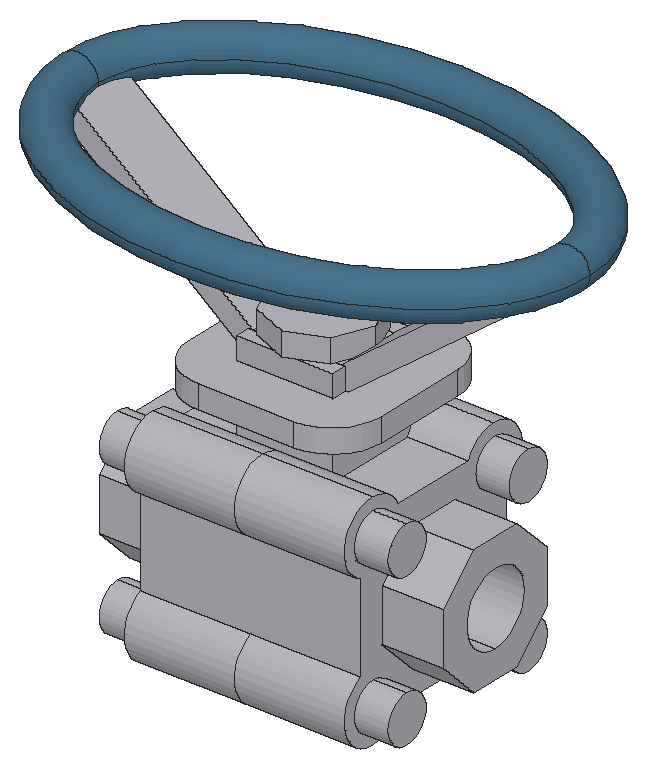
Revit family "320ACSWOH-Ball-Valve", category Pipe Accessories, Revit 2018
Family settings
  Round Connector Dimension = Use Diameter
  Part Type = Valve - Breaks Into
  OmniClass Number = 23.60.30.11.14
  OmniClass Title = Pipework Fittings
  Work Plane-Based = No
  Always vertical = Yes
  Cut with Voids When Loaded = No
  Shared = No
Parameters
  Z4 [instance] = size_lookup(LookupTable, "Z4", 0.000", Nominal Diameter)  # 0.800"
  Z3 [instance] = size_lookup(LookupTable, "Z3", 0.000", Nominal Diameter)  # 0.200"
  Weight [instance] = size_lookup(LookupTable, "Weight", "NA", Nominal Diameter)  # "2.29 lbs."
  URL = "http://www.fnw.com"
  Standards Lookup Table = "Standards"  # constant formula
  R3 [instance] = size_lookup(LookupTable, "R3", 0.000", Nominal Diameter)  # 0.91924"
  Product ID Handle [instance] = size_lookup(LookupTable, "ProductIDHandle", "NA", Nominal Diameter)  # "4448698"
  Product ID [instance] = size_lookup(LookupTable, "ProductID", "NA", Nominal Diameter)  # "4106149"
  Pipe Diameter [instance] = size_lookup(Standards Lookup Table, "copper", 0.000", Nominal Diameter)  # 0.625"
  Pins [instance] = Lm / 2  # 0.650"
  Pin Length [instance] = X2 * 4 + X3  # 2.4726"
  Pin Diameter [instance] = size_lookup(LookupTable, "m", 0.000", Nominal Diameter)  # 0.400"
  Pin Bung [instance] = Pin Diameter * 1.5  # 0.600"
  Part Number Handle [instance] = size_lookup(LookupTable, "PartNumberHandle", "NA", Nominal Diameter)  # "FNW320AOHBF"
  Part Number [instance] = size_lookup(LookupTable, "PartNumber", "NA", Nominal Diameter)  # "FNW320ACSWD"
  PIpe Radius [instance] = Pipe Diameter / 2  # 0.3125"
  Insert [instance] = size_lookup(LookupTable, "insert", 0.000", Nominal Diameter)  # 0.430"
  Manufacturer = "FNW"  # constant formula
  Lm [instance] = size_lookup(LookupTable, "lm", 0.000", Nominal Diameter)  # 1.300"
  Grip Pin4 [instance] = X3 / 2 + (X2 * 2)  # 1.2363"
  Gear [instance] = D3_Half - 0.063"  # 0.3495"
  Description BOM Handle [instance] = size_lookup(LookupTable, "Description_BOMHandle", "NA", Nominal Diameter)  # "1/4 - 3/4 OVAL Handle Kit 320A BV"
  Description BOM [instance] = size_lookup(LookupTable, "Description_BOM", "NA", Nominal Diameter)  # "1/2 Stainless Steel 2000# 250# Steam Socket Weld 3 Piece BV"
  Z2 [instance] = size_lookup(LookupTable, "Z2", 0.000", Nominal Diameter)  # 0.300"
  Z1 [instance] = size_lookup(LookupTable, "Z1", 0.000", Nominal Diameter)  # 0.920"
  X3 [instance] = size_lookup(LookupTable, "X3", 0.000", Nominal Diameter)  # 1.2926"
  X2 [instance] = size_lookup(LookupTable, "X2", 0.000", Nominal Diameter)  # 0.295"
  X1 [instance] = size_lookup(LookupTable, "X1", 0.000", Nominal Diameter)  # 0.5337"
  Show Lever Clearance [instance] = no
  R2 [instance] = size_lookup(LookupTable, "R2", 0.000", Nominal Diameter)  # 0.71924"
  R1_Diam [instance] = R1 * 2  # 1.100"
  R1 [instance] = size_lookup(LookupTable, "R1", 0.000", Nominal Diameter)  # 0.550"
  Nominal Radius [instance] = Nominal Diameter / 2  # 0.250"
  Nominal Diameter [instance] = 0.500"
  LookupTable = "320ACSWOH-Ball-Valve"  # constant formula
  HexAngle1 [instance] = 135.00°  # constant formula
  D4 [instance] = size_lookup(LookupTable, "D4", 0.000", Nominal Diameter)  # 0.375"
  D3_Half [instance] = D3 / 2  # 0.4125"
  D3 [instance] = size_lookup(LookupTable, "D3", 0.000", Nominal Diameter)  # 0.825"
  D2_Half [instance] = D2 / 2  # 0.61875"
  D2 [instance] = size_lookup(LookupTable, "D2", 0.000", Nominal Diameter)  # 1.2375"
  D1_Half [instance] = D1 / 2  # 0.825"
  D1 [instance] = size_lookup(LookupTable, "D1", 0.000", Nominal Diameter)  # 1.650"
  Body_W [instance] = Lm / 2 + 0.125"  # 0.775"
  3_Z3 [instance] = size_lookup(LookupTable, "3_Z3", 0.000", Nominal Diameter)  # 1.3225"
  3_Z1 [instance] = size_lookup(LookupTable, "3_Z1", 0.000", Nominal Diameter)  # 1.500"
  3_Y1 [instance] = size_lookup(LookupTable, "3_Y1", 0.000", Nominal Diameter)  # 2.800"
  3_X3 [instance] = size_lookup(LookupTable, "3_X3", 0.000", Nominal Diameter)  # 0.825"
  3_X1 [instance] = size_lookup(LookupTable, "3_X1", 0.000", Nominal Diameter)  # 4.210"
  3_L1 [instance] = size_lookup(LookupTable, "3_L1", 0.000", Nominal Diameter)  # 0.1875"
  3_D1 [instance] = size_lookup(LookupTable, "3_D1", 0.000", Nominal Diameter)  # 0.355"
Reference planes (in)
  plane 1 "Center (Front/Back)": y = 0
  plane 2: z = 0
  plane 3 "Center (Left/Right)": x = 0
  plane 4 "X7 End": x = -1.475
  plane 5: x = -0.6463
  plane 6: x = 0.6463
  plane 7 "Pipe radius": z = 0.3125
  plane 8: z = 0.55
  plane 9: z = 0.92
  plane 10: z = 1.22
  plane 11 "top of pad": z = 1.42
  plane 12: x = 0.9413
  plane 13: x = -1.045
  plane 14: y = -0.65
  plane 15: z = -0.65
  plane 16: z = 0.65
  plane 17: y = 0.65
  plane 18: x = 10.098
  plane 19: y = 2.5
  plane 20: y = -2.5
  plane 21: y = -0.65
  plane 22: z = -0.65
  plane 23: z = 0.65
  plane 24: y = 0.65
  plane 25: through (0, 0, 0) normal (0, 0.7071, -0.7071)
  plane 26: through (0, 0, 0) normal (0, 0.7071, 0.7071)
  plane 27: y = -0.65
  plane 28: y = 0.65
  plane 29: y = -1.465
  plane 30: z = -1.465
  plane 31: z = 1.465
  plane 32: y = 1.465
  plane 33 "Pin Plane": x = -1.2363
  plane 34 "NPT 3": x = 1.475
  plane 35: x = 1.2363
  plane 36: z = -1.27275
  plane 37 "LM": z = 1.27275
  plane 38: x = -0.9413
  plane 39: x = 1.045
Forms (in)
  Extrusion 1, solid, material "Steel, Stainless", not visible
    sketch origin (-1.0872, 0, 0) x (0, 0, 1) y (0, -1, 0)
      loop
        circle (0, 0) r 0.25
    from 0.0422 to 2.1322
  Extrusion 2, solid, material "Steel, Stainless"
    sketch origin (1.4276, 0, 0) x (0, 0, 1) y (0, -1, 0)
      loop
        line (-0.22782, -0.55) -> (0.22782, -0.55) -> (0.55, -0.22782) -> (0.55, 0.22782) -> (0.22782, 0.55) -> (-0.22782, 0.55) -> (-0.55, 0.22782) -> (-0.55, -0.22782) -> (-0.22782, -0.55)
      loop
        circle (0, 0) r 0.3125
    from -2.9026 to 0.0474
  Extrusion 3, solid, material "Steel, Stainless"
    sketch origin (0, 0, 0.865) x (-1, 0, 0) y (0, -1, 0)
      loop
        arc (0.40833, -0.825) -> (0.70296, -0.70296) -> (0.825, -0.40833) r 0.41667
        line (0.825, -0.40833) -> (0.825, 0.40833)
        arc (0.825, 0.40833) -> (0.70296, 0.70296) -> (0.40833, 0.825) r 0.41667
        line (0.40833, 0.825) -> (-0.40833, 0.825)
        arc (-0.40833, 0.825) -> (-0.70296, 0.70296) -> (-0.825, 0.40833) r 0.41667
        line (-0.825, 0.40833) -> (-0.825, -0.40833)
        arc (-0.825, -0.40833) -> (-0.70296, -0.70296) -> (-0.40833, -0.825) r 0.41667
        line (-0.40833, -0.825) -> (0.40833, -0.825)
      loop
        circle (0, 0) r 0.4125
      loop
        circle (0, 0) r 0.3495
    from 0.355 to 0.555
  Extrusion 4, solid, material "Steel, Stainless"
    sketch origin (0, 0, 0.865) x (-1, 0, 0) y (0, -1, 0)
      loop
        line (0.4125, -0.4125) -> (0.4125, 0.4125) -> (-0.4125, 0.4125) -> (-0.4125, -0.4125) -> (0.4125, -0.4125)
    from -0.5525 to 0.355
  Extrusion 5, solid, material "Steel, Stainless"
    sketch origin (0, 0, 0.865) x (-1, 0, 0) y (0, -1, 0)
      loop
        line (0.21875, -0.21875) -> (0.21875, 0.21875) -> (-0.21875, 0.21875) -> (-0.21875, -0.21875) -> (0.21875, -0.21875)
    from 0.055 to 0.555
  Extrusion 6, solid, material "Steel, Stainless"
    sketch origin (-1.0872, 0, 0) x (0, 0, 1) y (0, -1, 0)
      loop
        circle (0.65, 0.65) r 0.2
      loop
        circle (0.65, -0.65) r 0.2
      loop
        circle (-0.65, -0.65) r 0.2
      loop
        circle (-0.65, 0.65) r 0.2
    from -0.1491 to 2.3235
  Extrusion 7, solid, material "Steel, Stainless"
    sketch origin (-1.0872, 0, 0) x (0, 0, 1) y (0, -1, 0)
      loop
        circle (0.65, -0.65) r 0.3
      loop
        circle (0.65, 0.65) r 0.3
      loop
        circle (-0.65, 0.65) r 0.3
      loop
        circle (-0.65, -0.65) r 0.3
    from 0.1459 to 1.0872
  Extrusion 8, solid, material "Steel, Stainless"
    sketch origin (-1.0872, 0, 0) x (0, 0, 1) y (0, -1, 0)
      loop
        circle (0.65, -0.65) r 0.3
      loop
        circle (0.65, 0.65) r 0.3
      loop
        circle (-0.65, 0.65) r 0.3
      loop
        circle (-0.65, -0.65) r 0.3
    from 1.0872 to 2.0285
  Extrusion 9, solid, material "Steel, Stainless"
    sketch origin (-1.2363, 0, 0) x (0, 0, 1) y (0, -1, 0)
      loop
        line (0.775, -0.775) -> (0.775, 0.775) -> (-0.775, 0.775) -> (-0.775, -0.775) -> (0.775, -0.775)
    from 0.295 to 2.1776
Cuts and joins
  joined: Extrusion 7, Extrusion 8, Extrusion 9
Dimensions and locks (in)
  "PIpe Radius": plane 7 "Pipe radius" to plane 2
  "R1": Extrusion 2 sketch curve to plane 1 "Center (Front/Back)"
  "R1": plane 1 "Center (Front/Back)" to Extrusion 2 sketch curve  (x5)
  "R1": plane 2 to Extrusion 2 sketch curve  (x2)
  "R1": plane 8 to plane 2
  "Z1": plane 9 to plane 2
  "Z2": plane 10 to plane 9
  "Z3": plane 11 "top of pad" to plane 10
  "D1_Half": Extrusion 3 sketch curve to plane 3 "Center (Left/Right)"
  "D1_Half": plane 3 "Center (Left/Right)" to Extrusion 3 sketch curve
  "D1_Half": plane 1 "Center (Front/Back)" to Extrusion 3 sketch curve
  "D1_Half": Extrusion 3 sketch curve to plane 1 "Center (Front/Back)"
  "D3_Half": Extrusion 4 sketch curve to plane 3 "Center (Left/Right)"
  "D3_Half": plane 3 "Center (Left/Right)" to Extrusion 4 sketch curve
  "D3_Half": plane 1 "Center (Front/Back)" to Extrusion 4 sketch curve  (x2)
  equal spacing: Extrusion 5 sketch curve, plane 1 "Center (Front/Back)", Extrusion 5 sketch curve
  Extrusion 5 sketch curve to Extrusion 5 sketch curve = 0.4375"  (x2)
  equal spacing: Extrusion 5 sketch curve, plane 3 "Center (Left/Right)", Extrusion 5 sketch curve
  "Pins": plane 2 to plane 16
  "Pins": plane 2 to plane 15
  "Pins": plane 1 "Center (Front/Back)" to plane 14
  "Pins": plane 17 to plane 1 "Center (Front/Back)"
  equal spacing: plane 19, plane 1 "Center (Front/Back)", plane 20
  plane 19 to plane 20 = 5.000"
  "Pins": plane 24 to plane 1 "Center (Front/Back)" to plane 21
  "Pins": plane 22 to plane 2 to plane 23
  plane 28 to plane 27 = 1.300"
  equal spacing: plane 28, plane 1 "Center (Front/Back)", plane 27
  "Lm": plane 28 to plane 27
  plane 32 to plane 29 = 2.930"
  plane 30 to plane 31 = 2.930"
  "X2": plane 12 to plane 6
  equal spacing: plane 6, plane 3 "Center (Left/Right)", plane 5
  "X3": plane 6 to plane 5
  "X1": plane 34 "NPT 3" to plane 12
  "Grip Pin4": Extrusion 6 to plane 3 "Center (Left/Right)"
  "X2": plane 35 to plane 12
  "Body_W": Extrusion 9 sketch curve to plane 2
  "Body_W": plane 1 "Center (Front/Back)" to Extrusion 9 sketch curve
  "Body_W": plane 2 to Extrusion 9 sketch curve
  "Body_W": Extrusion 9 sketch curve to plane 1 "Center (Front/Back)"
  "X2": plane 5 to plane 38
  "X2": plane 38 to plane 33 "Pin Plane"
  "X1": plane 38 to plane 4 "X7 End"
  "Insert": plane 4 "X7 End" to plane 13
  "Insert": plane 34 "NPT 3" to plane 39
  "Nominal Radius": radius of Extrusion 1 sketch curve
  "PIpe Radius": radius of Extrusion 2 sketch curve
  radius of Extrusion 3 sketch curve = 0.41667"  (x4)
  "D3_Half": radius of Extrusion 3 sketch curve
  "Gear": radius of Extrusion 3 sketch curve
  "Pin Diameter": diameter of Extrusion 6 sketch curve  (x4)
  "Pin Bung": diameter of Extrusion 7 sketch curve  (x4)
  "Pin Bung": diameter of Extrusion 8 sketch curve  (x4)
  angle Extrusion 2 sketch curve to Extrusion 2 sketch curve = 135.00°  (x7)
  aligned and locked: plane 2 to level
  aligned and locked: plane 4 "X7 End" to Extrusion 2
  aligned and locked: Extrusion 3 to plane 10
  aligned and locked: plane 11 "top of pad" to Extrusion 3
  aligned and locked: Extrusion 4 to plane 7 "Pipe radius"
  aligned and locked: Extrusion 1 to plane 13
  aligned and locked: plane 10 to Extrusion 4
  aligned and locked: Extrusion 5 to plane 9
  aligned and locked: plane 12 to Extrusion 8
  aligned and locked: Extrusion 2 to plane 34 "NPT 3"
  aligned and locked: plane 11 "top of pad" to Extrusion 5
  aligned and locked: Extrusion 6 to plane 33 "Pin Plane"
  aligned and locked: plane 3 "Center (Left/Right)" to Extrusion 7
  aligned and locked: Extrusion 8 to plane 3 "Center (Left/Right)"
  aligned and locked: cut or joined group of Extrusion 7, Extrusion 8, Extrusion 9 to plane 38  (x2)
  aligned and locked: plane 38 to cut or joined group of Extrusion 7, Extrusion 8, Extrusion 9
  aligned and locked: plane 39 to Extrusion 1
  aligned and locked: plane 12 to Extrusion 9
Automatic sketch dimensions
  Extrusion 1 sketch curve to level = 0.000"
  Extrusion 1 sketch curve to plane 1 "Center (Front/Back)" = 0.000"
  Extrusion 2 sketch curve to level = 0.000"
  Extrusion 2 sketch curve to plane 1 "Center (Front/Back)" = 0.000"
  Extrusion 3 sketch curve to Extrusion 3 sketch curve = 0.000"  (x2)
  plane 1 "Center (Front/Back)" to Extrusion 3 sketch curve = 0.000"
  Extrusion 3 sketch curve to plane 3 "Center (Left/Right)" = 0.000"
  Extrusion 6 sketch curve to plane 15 = 0.000"  (x2)
  Extrusion 6 sketch curve to plane 14 = 0.000"  (x2)
  plane 16 to Extrusion 6 sketch curve = 0.000"  (x2)
  Extrusion 6 sketch curve to plane 17 = 0.000"  (x2)
  Extrusion 7 sketch curve to plane 21 = 0.000"  (x2)
  Extrusion 7 sketch curve to plane 22 = 0.000"  (x2)
  plane 23 to Extrusion 7 sketch curve = 0.000"  (x2)
  Extrusion 7 sketch curve to plane 24 = 0.000"  (x2)
  plane 25 to Extrusion 8 sketch curve = 0.000"  (x2)
  Extrusion 8 sketch curve to plane 27 = 0.000"  (x2)
  plane 26 to Extrusion 8 sketch curve = 0.000"  (x2)
  Extrusion 8 sketch curve to plane 28 = 0.000"  (x2)
Nested families (in)
  nested 1: "Oval Handle 320ASWOH" at (0, 0, 1.42) x (-1, 0, 0) z (0, 0, 1), 3_D1 <- "3_D1", 3_L1 <- "3_L1", 3_X1 <- "3_X1", 3_X3 <- "3_X3", 3_Y1 <- "3_Y1", 3_Z1 <- "3_Z1", 3_Z3 <- "3_Z3", D3 <- "D3", Z3 <- "Z3", Description BOM <- "Description BOM Handle", Part Number <- "Product ID Handle", Product ID <- "Product ID Handle", type "Oval Handle 320ASWOH"
    with b 2.105", a 1.22375", Z3 0.200", Show Lever Clearance yes, Product ID "4448698", Part Number "4448698", Description BOM "1/4 - 3/4 OVAL Handle Kit 320A BV", D3 0.825", Center of Oval Handle 1.41125", Angle Hex Head 135.00°, 3_Z3 1.3225", 3_Z2 0.125", 3_Z1 1.500", 3_Y1 2.800", 3_X3 0.825", 3_X1 4.210", 3_L1_Half 0.09375", 3_L1 0.1875", 3_D1_Radius 0.1775", 3_D1 0.355"
Connectors (in)
  piping at (-1.045, 0, 0), diameter 0.5, driven by "Nominal Diameter"
    settings: on Extrusion 1, index 1, connector inside diameter 24", connector length 0.000", flow factor 0, pipe flow 0 GPM, pressure drop 0.00 psi, fitting loss kfactor 0, connector angle 0.00°, fixture units 0, engagement length 0.000", angle of deflection 0.00°, flow configuration 0, flow direction 0, fitting loss method 0, system type 7, joint type 0, gender type 0, connector reference index 2, connector utility 0, adjustable connector no, is connector primary yes, connector description ""
  piping at (1.045, 0, 0), diameter 0.5, driven by "Nominal Diameter"
    settings: on Extrusion 1, index 2, connector inside diameter 24", connector length 0.000", flow factor 0, pipe flow 0 GPM, pressure drop 0.00 psi, fitting loss kfactor 0, connector angle 0.00°, fixture units 0, engagement length 0.000", angle of deflection 0.00°, flow configuration 0, flow direction 0, fitting loss method 0, system type 7, joint type 0, gender type 0, connector reference index 1, connector utility 0, adjustable connector no, is connector primary no, connector description ""
Definition of nested family "Oval Handle 320ASWOH"
  Parameters (values of type "Oval Handle  320ASW")
    b [instance] = [3_X1] / 2  # 2.105"
    a [instance] = Center of Oval Handle - [3_L1]  # 1.34375"
    Z3 [instance] = 0.14279"
    Product ID [instance] = ""
    Part Number [instance] = ""
    Description BOM [instance] = ""
    D3 [instance] = 0.27676"
    Center of Oval Handle [instance] = ([3_Z1] - [3_Z3]) / 2 + ([3_Z3])  # 1.46875"
    Angle 2 = 45.00°  # constant formula
    Show Lever Clearance [instance] = yes
    Default Elevation = 48.000"
    Angle Hex Head [instance] = 135.00°  # constant formula
    3_Z3 [instance] = 1.3125"
    3_Z2 [instance] = 0.125"
    3_Z1 [instance] = 1.625"
    3_Y1 [instance] = 2.800"
    3_X3 [instance] = 0.5625"
    3_X1 [instance] = 4.210"
    3_L1_Half [instance] = [3_L1] / 2  # 0.0625"
    3_L1 [instance] = 0.125"
    3_D1_Radius [instance] = [3_D1] / 2  # 0.1565"
    3_D1 [instance] = 0.313"
  Reference planes (in)
    plane 1 "Center (Front/Back)": y = 0
    plane 2: z = 0
    plane 3 "Center (Left/Right)": x = 0
    plane 4: y = 1
    plane 5: y = -1
    plane 6: y = 1.03125
    plane 7: y = -1.03125
    plane 8: x = -0.28125
    plane 9: x = 0.28125
    plane 10 "Z3_Base": z = 0.125
    plane 11: z = -0.125
    plane 12: z = 1.625
    plane 13: z = 1.3125
    plane 14: x = -2.105
    plane 15: x = 2.105
    plane 16: x = -1.28
    plane 17: x = 1.28
    plane 18: x = -0.15625
    plane 19: x = 0.21875
    plane 20: y = 1.4
    plane 21 "Center of Oval Side View": y = -1.4
    plane 22 "Centerline Oval Handle": z = 1.46875
    plane 23: y = 0.28125
    plane 24: y = -0.28125
    plane 25: z = 0.26779
  Forms (in)
    Extrusion 1, solid
      sketch origin (0, 0, 0) x (1, 0, 0) y (0, 1, 0)
        loop
          line (-48, 48) -> (-48, -48) -> (48, -48) -> (48, 48) -> (-48, 48)
      from 0 to -12
    Sweep 2, solid
      path origin (0, 0, 1.46875) x (0, -1, 0) y (1, 0, 0)
        loop
          spline (0, -2.105) -> (0.36235, -2.03327) -> (0.7, -1.82298) -> (0.98995, -1.48846) -> (1.21244, -1.0525) -> (1.3523, -0.54481) -> (1.4, 0) -> (1.3523, 0.54481) -> (1.21244, 1.0525) -> (0.98995, 1.48846) -> (0.7, 1.82298) -> (0.36235, 2.03327) -> (0, 2.105)
          spline (0, 2.105) -> (-0.36235, 2.03327) -> (-0.7, 1.82298) -> (-0.98995, 1.48846) -> (-1.21244, 1.0525) -> (-1.3523, 0.54481) -> (-1.4, 0) -> (-1.3523, -0.54481) -> (-1.21244, -1.0525) -> (-0.98995, -1.48846) -> (-0.7, -1.82298) -> (-0.36235, -2.03327) -> (0, -2.105)
      profile origin (0, 1.4, 1.46875) x (0, 1, 0) y (0, 0, 1)
        loop
          circle (0, 0) r 0.1565
    Extrusion 3, solid
      sketch origin (0, 0, 0) x (1, 0, 0) y (0, 0, 1)
        loop
          line (-0.28125, -0.125) -> (-0.15625, -0.125) -> (-0.15625, 0) -> (0.21875, 0) -> (0.21875, -0.125) -> (0.28125, -0.125) -> (0.28125, 0.125) -> (-0.28125, 0.125) -> (-0.28125, -0.125)
      from -0.28125 to 0.28125
    Sweep 4, solid
      path origin (0, 0, 0) x (1, 0, 0) y (0, 0, 1)
        loop
          line (-2.105, 1.46875) -> (-0.28125, 0.0625) -> (0.28125, 0.0625) -> (2.105, 1.46875)
      profile origin (-1.19312, 0, 0.76563) x (0.610628, 0, 0.791917) y (0, -1, 0)
        loop
          line (0.0625, -0.28125) -> (0.0625, 0.28124) -> (-0.0625, 0.28124) -> (-0.0625, -0.28125) -> (0.0625, -0.28125)
    Extrusion 5, solid
      sketch origin (0, 0, 1.46875) x (0, -1, 0) y (1, 0, 0)
        loop
          line (0.14978, 0) -> (0.10591, 0.10591) -> (0, 0.14978) -> (-0.10591, 0.10591) -> (-0.14978, 0) -> (-0.10591, -0.10591) -> (0, -0.14978) -> (0.10591, -0.10591) -> (0.14978, 0)
      from -1.34375 to -1.20096
  Lines and regions (in)
    reference lines
      curve 1: line (0, 0, 3.375) -> (0, 0, -1.625)
  Text (in)
    text "3_X1 -Center of Sweep" at (6.95247, 0, 9.12543), in view "Front"
    text "3_Y1 - Other view Left Oval Center" at (8.35736, 0, 8.09025), in view "Front"
  Dimensions and locks (in)
    equal spacing: plane 4, plane 1 "Center (Front/Back)", plane 5
    plane 4 to plane 5 = 2.000"
    plane 5 to plane 7 = 0.03125"
    plane 6 to plane 4 = 0.03125"
    equal spacing: plane 9, plane 3 "Center (Left/Right)", plane 8
    "3_X3": plane 9 to plane 8
    "3_L1": plane 10 "Z3_Base" to plane 2
    "3_Z2": plane 2 to plane 11
    "3_Z1": plane 12 to plane 2
    "3_Z3": plane 13 to plane 2
    equal spacing: plane 14, plane 3 "Center (Left/Right)", plane 15
    "3_X1": plane 14 to plane 15
    plane 14 to plane 16 = 0.825"
    plane 15 to plane 17 = 0.825"
    "3_L1": plane 18 to plane 8
    "3_L1_Half": plane 19 to plane 9
    equal spacing: plane 20, plane 1 "Center (Front/Back)", plane 21 "Center of Oval Side View"
    "3_Y1": plane 20 to plane 21 "Center of Oval Side View"
    "Center of Oval Handle": plane 22 "Centerline Oval Handle" to plane 2
    equal spacing: plane 23, plane 1 "Center (Front/Back)", plane 24
    "3_X3": plane 23 to plane 24
    equal spacing: Sweep 4 sketch curve, profile plane, Sweep 4 sketch curve
    "3_L1": Sweep 4 sketch curve to Sweep 4 sketch curve
    "3_L1_Half": Sweep 4 sketch curve to plane 2
    equal spacing: Extrusion 5 sketch curve, curve 1, Extrusion 5 sketch curve  (x4)
    "D3": Extrusion 5 sketch curve to Extrusion 5 sketch curve  (x4)
    "Z3": plane 25 to plane 10 "Z3_Base"
    "3_D1_Radius": radius of Sweep 2 sketch curve
    "Angle Hex Head": angle Extrusion 5 sketch curve to Extrusion 5 sketch curve  (x7)
    aligned and locked: plane 2 to Extrusion 1
    aligned and locked: level to Extrusion 1
    aligned and locked: curve 1 to plane 3 "Center (Left/Right)"
    aligned and locked: plane 20 to Sweep 2 sketch curve
    aligned and locked: plane 21 "Center of Oval Side View" to Sweep 2 sketch curve
    aligned and locked: plane 15 to Sweep 2 sketch curve
    aligned and locked: plane 14 to Sweep 2 sketch curve
    aligned and locked: plane 23 to Extrusion 3
    aligned and locked: Extrusion 3 to plane 24
    aligned and locked: plane 14 to Sweep 4 sketch curve
    aligned and locked: plane 22 "Centerline Oval Handle" to Sweep 4 sketch curve  (x2)
    aligned and locked: plane 15 to Sweep 4 sketch curve
    aligned and locked: plane 10 "Z3_Base" to Extrusion 5
    aligned and locked: Extrusion 5 to plane 25
  Automatic sketch dimensions
    Extrusion 1 sketch curve to Extrusion 1 sketch curve = 96.000"  (x2)
    curve 1 to level = 1.625"
    level to curve 1 = 3.375"
    Extrusion 3 sketch curve to plane 8 = 0.000"
    Extrusion 3 sketch curve to plane 11 = 0.000"  (x2)
    Extrusion 3 sketch curve to plane 18 = 0.000"
    Extrusion 3 sketch curve to level = 0.000"
    Extrusion 3 sketch curve to plane 19 = 0.000"
    Extrusion 3 sketch curve to plane 9 = 0.000"
    Extrusion 3 sketch curve to plane 10 "Z3_Base" = 0.000"
    plane 22 "Centerline Oval Handle" to Sweep 2 sketch curve = 0.000"
    Sweep 2 sketch curve to profile plane = 0.000"
    Sweep 4 sketch curve to plane 8 = 0.000"
    Sweep 4 sketch curve to plane 9 = 0.000"
    Sweep 4 sketch curve to plane 1 "Center (Front/Back)" = 0.28125"
    plane 1 "Center (Front/Back)" to Sweep 4 sketch curve = 0.28124"
    plane 1 "Center (Front/Back)" to Extrusion 5 sketch curve = 0.000"
